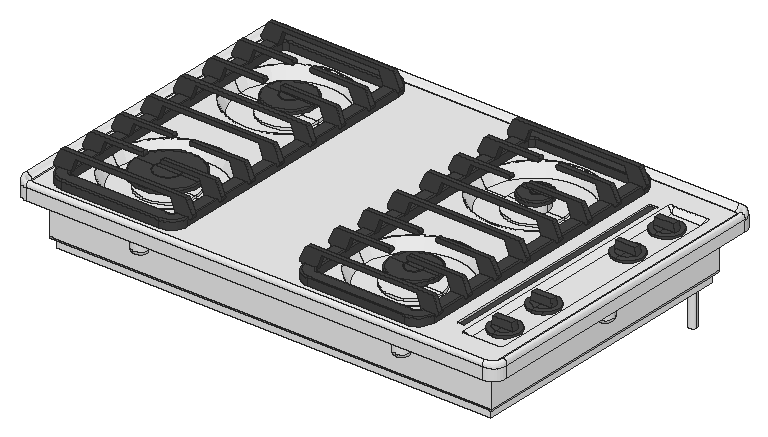
Revit family "QF_Summit_ZTL053S_Cooktop", category Specialty Equipment, Revit 2020 (continued)
Automatic sketch dimensions
  curve 122 to curve 134 = 0"  (x2)
  curve 123 to curve 134 = 0"  (x2)
  curve 124 to curve 127 = 0"
  curve 124 to curve 128 = 0"
  curve 124 to curve 129 = 0"
  curve 124 to curve 130 = 0"
  curve 124 to curve 132 = 0"  (x2)
  curve 124 to curve 133 = 0"
  curve 124 to curve 134 = 0"  (x2)
  curve 125 to curve 126 = 0"  (x2)
  curve 125 to curve 127 = 0"
  curve 125 to curve 128 = 0"
  curve 125 to curve 129 = 0"
  curve 125 to curve 130 = 0"
  curve 125 to curve 131 = 0"  (x2)
  curve 125 to curve 132 = 0"
  curve 125 to curve 133 = 0"
  curve 145 to curve 165 = 0"  (x2)
  curve 146 to curve 165 = 0"  (x2)
  curve 147 to curve 165 = 0"  (x2)
  curve 148 to curve 165 = 0"  (x2)
  curve 149 to curve 165 = 0"  (x2)
  curve 150 to curve 165 = 0"  (x2)
  curve 151 to curve 165 = 0"  (x2)
  curve 152 to curve 157 = 0"
  curve 152 to curve 159 = 0"
  curve 153 to curve 157 = 0"
  curve 153 to curve 159 = 0"
  curve 154 to curve 159 = 0"  (x2)
  curve 155 to curve 159 = 0"  (x2)
  curve 156 to curve 157 = 0"
  curve 156 to curve 159 = 0"
  curve 157 to curve 159 = 0"
  curve 158 to curve 159 = 0"  (x2)
  curve 160 to curve 165 = 0"  (x2)
  curve 161 to curve 165 = 0"  (x2)
  curve 162 to curve 165 = 0"  (x2)
  curve 163 to curve 165 = 0"  (x2)
  curve 164 to curve 165 = 0"  (x2)
  curve 65 to plane 3 "LEFT" = 0.00016"
  plane 3 "LEFT" to curve 37 = 9/16"
  curve 37 to curve 64 = 1/4"
  curve 37 to curve 39 = 1/4"
  plane 3 "LEFT" to curve 134 = 5.27794"
  plane 3 "LEFT" to curve 108 = 5.27794"
  plane 7 "Center Y" to curve 111 = 5.59588"
  plane 7 "Center Y" to curve 79 = 5.59588"
  plane 1 "BACK" to curve 54 = 2.63046"
  plane 4 "RIGHT" to curve 54 = 4.43626"
  curve 54 to curve 61 = 1/16"
  curve 54 to curve 55 = 1/16"
  curve 55 to curve 56 = 3/8"
  curve 60 to curve 60 = 3/8"
  curve 57 to curve 58 = 1/16"
  curve 60 to curve 52 = 0.32834"
  curve 52 to curve 51 = 0.17489"
  curve 53 to curve 53 = 0.17489"
  curve 51 to curve 44 = 0.15303"
  plane 4 "RIGHT" to curve 45 = 1.53001"
  curve 42 to curve 47 = 0.15303"
  curve 44 to curve 50 = 0.15303"
  curve 49 to curve 48 = 0.17489"
  plane 5 "FRONT" to curve 71 = 0.00016"
  plane 4 "RIGHT" to curve 71 = 13/16"
  plane 4 "RIGHT" to curve 38 = 13/16"
  curve 40 to curve 41 = 1/4"
  curve 50 to plane 5 "FRONT" = 1.94788"
  curve 49 to curve 44 = 0.15303"
  curve 51 to curve 60 = 0.43428"
  curve 146 to plane 8 "Center X" = 4.69623"
  curve 152 to plane 8 "Center X" = 4.69623"
  plane 8 "Center X" to curve 74 = 4.69623"
  plane 8 "Center X" to curve 114 = 4.69623"
  curve 57 to curve 42 = 11/32"
  curve 42 to curve 48 = 0.15303"
  plane 1 "BACK" to curve 40 = 13/16"
  plane 3 "LEFT" to curve 122 = 1.98841"
  plane 3 "LEFT" to curve 157 = 2.00679"
  plane 3 "LEFT" to curve 132 = 2.04204"
  plane 3 "LEFT" to curve 106 = 2.05163"
  curve 157 to curve 108 = 0.17038"
  curve 122 to curve 117 = 0.18876"
  curve 157 to curve 159 = 0.30499"
  curve 122 to curve 117 = 0.33065"
  curve 132 to curve 133 = 0.31951"
  curve 106 to curve 108 = 0.31593"
  curve 159 to curve 154 = 0.10141"
  curve 117 to curve 131 = 0.09535"
  curve 133 to curve 126 = 0.10777"
  curve 108 to curve 158 = 0.10609"
  curve 108 to curve 83 = 1.10076"
  curve 104 to curve 104 = 0.21842"
  curve 117 to curve 120 = 1.35172"
  curve 83 to curve 83 = 0.31358"
  curve 104 to curve 103 = 0.15936"
  curve 120 to curve 74 = 0.24904"
  curve 74 to curve 120 = 0.02582"
  curve 83 to curve 105 = 0.21411"
  curve 122 to curve 123 = 1.45366"
  curve 157 to curve 107 = 1.43583"
  curve 94 to curve 130 = 0.12319"
  curve 120 to curve 127 = 0.19386"
  curve 127 to curve 74 = 0.11209"
  curve 130 to curve 129 = 0.26849"
  curve 129 to curve 132 = 0.04729"
  curve 129 to curve 94 = 0.07783"
  curve 74 to curve 93 = 0.23853"
  curve 86 to curve 83 = 3/4"
  curve 118 to curve 123 = 0.6766"
  curve 129 to curve 92 = 0.43727"
  curve 153 to curve 107 = 0.5869"
  curve 76 to curve 73 = 1/2"
  curve 107 to curve 107 = 0.62953"
  curve 123 to curve 123 = 0.65253"
  curve 75 to curve 92 = 0.22211"
  curve 76 to curve 93 = 0.42893"
  curve 92 to curve 73 = 0.32977"
  curve 92 to curve 134 = 0.38914"
  curve 73 to curve 129 = 0.08348"
  curve 93 to curve 91 = 0.24142"
  curve 91 to curve 127 = 0.11252"
  curve 73 to curve 121 = 0.33849"
  curve 91 to curve 128 = 0.31103"
  curve 123 to curve 124 = 0.83454"
  curve 128 to curve 91 = 0.01862"
  curve 107 to curve 152 = 0.87986"
  curve 85 to curve 105 = 0.76611"
  curve 86 to curve 103 = 0.86273"
  curve 105 to curve 102 = 0.18941"
  curve 73 to curve 121 = 0.24904"
  curve 103 to curve 84 = 0.14532"
  curve 84 to curve 84 = 0.24195"
  curve 102 to curve 158 = 1.09864"
  curve 121 to curve 126 = 1.41692"
  curve 84 to curve 154 = 1.10223"
  curve 128 to curve 131 = 1.38705"
  curve 158 to curve 155 = 0.09264"
  curve 126 to curve 119 = 0.09066"
  curve 154 to curve 109 = 0.10242"
  curve 131 to curve 125 = 0.09497"
  curve 109 to curve 109 = 0.13805"
  curve 125 to curve 125 = 0.13736"
  curve 155 to curve 156 = 0.32544"
  curve 119 to curve 134 = 0.34103"
  curve 154 to curve 152 = 0.40862"
  curve 131 to curve 124 = 0.42412"
  plane 7 "Center Y" to curve 150 = 2.29805"
  plane 7 "Center Y" to curve 135 = 2.29835"
  plane 7 "Center Y" to curve 140 = 2.36176"
  plane 7 "Center Y" to curve 144 = 2.37399"
  plane 7 "Center Y" to curve 116 = 2.49513"
  plane 7 "Center Y" to curve 148 = 2.49513"
  curve 135 to curve 116 = 0.34067"
  curve 150 to curve 148 = 0.34129"
  curve 140 to curve 142 = 0.32309"
  curve 144 to curve 110 = 0.31237"
  curve 148 to curve 147 = 0.09223"
  curve 116 to curve 139 = 0.0986"
  curve 142 to curve 141 = 0.10348"
  curve 110 to curve 149 = 0.12616"
  plane 7 "Center Y" to curve 77 = 3.84685"
  plane 7 "Center Y" to curve 164 = 3.84685"
  curve 113 to curve 101 = 0.24904"
  plane 7 "Center Y" to curve 164 = 4.10793"
  plane 7 "Center Y" to curve 77 = 4.11555"
  plane 7 "Center Y" to curve 135 = 4.14925"
  plane 7 "Center Y" to curve 150 = 4.16227"
  plane 7 "Center Y" to curve 113 = 4.21169"
  plane 7 "Center Y" to curve 98 = 4.22231"
  curve 164 to curve 165 = 0.19581"
  curve 77 to curve 95 = 0.19616"
  curve 165 to curve 101 = 0.12621"
  curve 113 to curve 161 = 0.25363"
  curve 98 to curve 97 = 0.26065"
  plane 7 "Center Y" to curve 144 = 4.49037"
  curve 161 to curve 88 = 0.07249"
  plane 7 "Center Y" to curve 140 = 4.57292"
  curve 77 to curve 80 = 0.74904"
  curve 101 to curve 100 = 0.2468"
  curve 161 to curve 162 = 0.42767"
  curve 150 to curve 160 = 0.73593"
  curve 114 to curve 114 = 0.60654"
  curve 90 to curve 87 = 1/2"
  curve 82 to curve 77 = 1/4"
  curve 114 to curve 136 = 0.64941"
  curve 160 to curve 160 = 1.39538"
  curve 90 to curve 162 = 0.21129"
  curve 89 to curve 100 = 0.43178"
  curve 162 to curve 99 = 0.33661"
  curve 140 to curve 143 = 2.11853"
  curve 80 to curve 97 = 0.14835"
  curve 99 to curve 161 = 0.10382"
  curve 161 to curve 145 = 0.03094"
  curve 100 to curve 87 = 0.25229"
  curve 87 to curve 165 = 0.10807"
  curve 79 to curve 95 = 0.29505"
  curve 161 to curve 163 = 0.22514"
  curve 97 to curve 78 = 0.24571"
  curve 160 to curve 151 = 0.76927"
  curve 136 to curve 137 = 0.81975"
  curve 87 to curve 112 = 0.29408"
  curve 95 to curve 96 = 0.18874"
  curve 112 to curve 99 = 0.02185"
  curve 87 to curve 112 = 0.24904"
  curve 79 to curve 78 = 0.74904"
  curve 163 to curve 149 = 1.42364"
  curve 78 to curve 141 = 1.41399"
  curve 96 to curve 139 = 1.37384"
  curve 112 to curve 147 = 1.3827"
  curve 149 to curve 146 = 0.10635"
  curve 141 to curve 115 = 0.10054"
  curve 139 to curve 138 = 0.10259"
  curve 147 to curve 111 = 0.09971"
  curve 138 to curve 115 = 0.14054"
  curve 111 to curve 111 = 0.1402"
  curve 146 to curve 145 = 0.31936"
  curve 141 to curve 143 = 0.41949"
  curve 147 to curve 151 = 0.40165"
  curve 138 to curve 137 = 0.32826"
  curve 107 to plane 5 "FRONT" = 1.80474"
  curve 160 to plane 5 "FRONT" = 1 7/8"
  curve 160 to curve 150 = 0.23691"
  curve 153 to curve 157 = 0.25859"
  curve 160 to curve 151 = 0.2521"
  curve 107 to curve 152 = 0.2852"
  curve 154 to curve 109 = 0.28235"
  curve 147 to curve 111 = 0.27408"
  curve 100 to curve 101 = 0.24169"
  curve 103 to curve 84 = 0.22929"
  curve 165 to curve 101 = 0.23505"
  curve 102 to curve 105 = 0.25978"
  curve 99 to curve 161 = 0.24304"
  curve 99 to curve 162 = 0.24737"
  curve 108 to curve 158 = 0.25335"
  curve 146 to curve 149 = 0.25181"
  curve 158 to curve 106 = 0.03121"
  curve 146 to curve 145 = 0.27526"
  curve 110 to curve 144 = 0.29271"
  plane 8 "Center X" to curve 140 = 1.35007"
  plane 8 "Center X" to curve 132 = 1.36194"
  plane 8 "Center X" to curve 143 = 1.37313"
  plane 8 "Center X" to curve 134 = 1.37834"
  curve 129 to curve 94 = 0.26306"
  curve 97 to curve 98 = 0.26648"
  curve 129 to curve 92 = 0.01153"
  curve 126 to curve 119 = 0.21375"
  curve 141 to curve 142 = 0.24822"
  curve 116 to curve 135 = 0.23664"
  curve 96 to curve 95 = 0.24956"
  curve 74 to curve 93 = 0.23627"
  curve 125 to curve 131 = 0.26496"
  curve 131 to curve 124 = 0.00658"
  curve 91 to curve 127 = 0.25063"
  curve 117 to curve 122 = 0.26535"
  curve 138 to curve 137 = 0.27256"
  curve 116 to curve 139 = 0.26847"
  curve 122 to curve 118 = 0.25021"
  curve 137 to curve 136 = 0.26258"
  radius of Extrusion 2 sketch curve = 3.49904"  (x4)
  radius of Extrusion 17 sketch curve = 1/4"
Nested families (in)
  nested 1: "Summit_Burner_Cast" at (1.52794, -1.55377, 0.43845), type "Summit_Burner_Cast"
  nested 2: "Summit_Burner_Cast" at (16.71416, -1.55377, 0.43845), type "Summit_Burner_Cast"
  nested 3: "Summit_Burner_Cast" at (1.52794, -10.94623, 0.43845), type "Summit_Burner_Cast"
  nested 4: "Summit_Burner_Cast" at (16.71416, -10.94623, 0.43845), type "Summit_Burner_Cast"
  nested 5: "Summit_Cast" at (1.27794, -0.875, 3.75), type "Summit_Cast"
  nested 6: "Summit_Cast" at (16.46416, -0.875, 3.75), type "Summit_Cast"
Connectors (in)
  piping at (27.43847, -1.91925, -2.5), diameter 0.5
    settings: on Extrusion 17, index 1, connector inside diameter 24", connector length 0", flow factor 0, pipe flow 0 GPM, pressure drop 0.00 psi, fitting loss kfactor 0, connector angle 0.00°, fixture units 0, engagement length 0", angle of deflection 0.00°, flow configuration 1, flow direction 1, fitting loss method 0, system type 7, joint type 0, gender type 0, connector reference index -1, connector utility 0, adjustable connector no, is connector primary yes, connector description "Gas Connection"
  electrical at (26.68847, -1.91925, 0.4375), driven by "Volts"
    settings: on Extrusion 20, index 2, voltage 115 V, apparent load 0 VA, apparent load phase1 0 VA, apparent load phase2 0 VA, apparent load phase3 0 VA, power factor 1, load classification "Other", number of poles 1, system type 30, power factor state 1, is connector primary yes, connector utility no, sub classification motor no, connector description "Electrical Connection"
Definition of nested family "Summit_Burner_Cast"
  Parameters (values of type "Summit_Burner_Cast")
    Model = ""
    Manufacturer = "Summit"
    Length = 7 1/2"
    Height = 3 3/4"
    Description = "Cooktop"
    Depth = 7 1/2"
    Default Elevation = 0"
  Reference planes (in)
    plane 1 "BACK": y = 0
    plane 2: z = 0
    plane 3 "LEFT": x = 0
    plane 4 "RIGHT": x = 7.5
    plane 5 "FRONT": y = -7.5
    plane 6 "TOP": z = 3.75
    plane 7 "Center Y": x = 3.75
    plane 8 "Center X": y = -3.75
  Forms (in)
    Revolve 1, solid
      sketch origin (-1.00614, -3.75, 0) x (1, 0, 0) y (0, 0, 1)
        loop
          line (4.75614, 3.26095) -> (4.00614, 3.26095) -> (4.00614, 2.6875) -> (3.00711, 2.6875) -> (3.00711, 2.5625) -> (1.65539, 2.5625) -> (1.25711, 3.31155) -> (1.25711, 2.5) -> (4.75614, 2.5) -> (4.75614, 3.26095)
        axis (4.75614, 2.5) -> (4.75614, 3.31155)
      angle from 0 to 360
  Dimensions and locks (in)
    equal spacing: plane 3 "LEFT", plane 7 "Center Y", plane 4 "RIGHT"
    "Length": plane 3 "LEFT" to plane 4 "RIGHT"
    equal spacing: plane 5 "FRONT", plane 8 "Center X", plane 1 "BACK"
    "Depth": plane 5 "FRONT" to plane 1 "BACK"
    "Height": plane 6 "TOP" to level
    aligned and locked: level to plane 2
  Automatic sketch dimensions
    plane 3 "LEFT" to Revolve 1 sketch curve = 0.25096"
    Revolve 1 sketch curve to plane 7 "Center Y" = 0"  (x2)
    plane 3 "LEFT" to Revolve 1 sketch curve = 0.64924"
    Revolve 1 sketch curve to plane 7 "Center Y" = 3/4"
    Revolve 1 sketch curve to plane 6 "TOP" = 1 1/4"
    Revolve 1 sketch curve to Revolve 1 sketch curve = 1/16"
    Revolve 1 sketch curve to Revolve 1 sketch curve = 3/16"
    Revolve 1 sketch curve to plane 6 "TOP" = 0.48905"
    Revolve 1 sketch curve to plane 6 "TOP" = 0.43845"
    Revolve 1 sketch curve to Revolve 1 sketch curve = 0"
    plane 6 "TOP" to Revolve 1 sketch curve = 1 1/4"
    Revolve 1 sketch curve to Revolve 1 sketch curve = 0.99904"
Definition of nested family "Summit_Cast"
  Parameters (values of type "Summit_Cast")
    Model = ""
    Manufacturer = "Summit"
    Length = 8"
    Height = 1 1/2"
    Description = "Cooktop"
    Depth = 18 1/4"
    Default Elevation = 0"
  Reference planes (in)
    plane 1 "BACK": y = 0
    plane 2: z = 0
    plane 3 "LEFT": x = 0
    plane 4 "RIGHT": x = 8
    plane 5 "FRONT": y = -18.25
    plane 6 "TOP": z = 1.5
    plane 7 "Center Y": x = 4
    plane 8 "Center X": y = -9.125
  Forms (in)
    Sweep 1, solid
      path origin (0, 0, 1.5) x (-1, 0, 0) y (0, -1, 0)
        loop
          arc (0, 17.25) -> (-0.29289, 17.95711) -> (-1, 18.25) r 1
          line (-1, 18.25) -> (-7, 18.25)
          arc (-7, 18.25) -> (-7.70711, 17.95711) -> (-8, 17.25) r 1
          line (-8, 17.25) -> (-8, 1)
          arc (-8, 1) -> (-7.70711, 0.29289) -> (-7, 0) r 1
          line (-7, 0) -> (-1, 0)
          arc (-1, 0) -> (-0.29289, 0.29289) -> (0, 1) r 1
          line (0, 1) -> (0, 17.25)
      profile origin (0, -9.125, 1.5) x (-1, 0, 0) y (0, 0, 1)
        loop
          line (-0.0625, -1) -> (-0.6875, -1)
          arc (-0.6875, -1) -> (-0.73169, -1.01831) -> (-0.75, -1.0625) r 0.0625
          line (-0.75, -1.0625) -> (-0.75, -1.5) -> (0, -1.5) -> (0, -1.0625)
          arc (0, -1.0625) -> (-0.01831, -1.01831) -> (-0.0625, -1) r 0.0625
    Extrusion 2, solid
      sketch origin (0, 0, 0) x (1, 0, 0) y (0, 0, 1)
        loop
          line (0.74803, 0.3877) -> (1.06188, 1.25) -> (6.93812, 1.25) -> (7.25197, 0.3877) -> (8.14564, 0.3877) -> (8.25406, 0.49612)
          arc (8.25406, 0.49612) -> (8.2924, 0.56977) -> (8.28157, 0.65209) r 0.13806
          line (8.28157, 0.65209) -> (7.93816, 1.38852) -> (7.82668, 1.5) -> (0.17332, 1.5) -> (0.06184, 1.38852) -> (-0.28157, 0.65209)
          arc (-0.28157, 0.65209) -> (-0.2924, 0.56977) -> (-0.25406, 0.49612) r 0.13806
          line (-0.25406, 0.49612) -> (-0.14564, 0.3877) -> (0.74803, 0.3877)
      from 1 to 1.25
    Extrusion 3, solid
      sketch origin (0, -2.25, 0) x (1, 0, 0) y (0, 0, 1)
        loop
          line (0.74803, 0.3877) -> (1.06188, 1.25) -> (3.36913, 1.25)
          arc (3.36913, 1.25) -> (3.49413, 1.375) -> (3.36913, 1.5) r 0.125
          line (3.36913, 1.5) -> (0.17332, 1.5) -> (0.06184, 1.38852) -> (-0.28157, 0.65209)
          arc (-0.28157, 0.65209) -> (-0.2924, 0.56977) -> (-0.25406, 0.49612) r 0.13806
          line (-0.25406, 0.49612) -> (-0.14564, 0.3877) -> (0.74803, 0.3877)
        loop
          line (7.25197, 0.3877) -> (8.14564, 0.3877) -> (8.25406, 0.49612)
          arc (8.25406, 0.49612) -> (8.2924, 0.56977) -> (8.28157, 0.65209) r 0.13806
          line (8.28157, 0.65209) -> (7.93816, 1.38852) -> (7.82668, 1.5) -> (4.62959, 1.5)
          arc (4.62959, 1.5) -> (4.50459, 1.375) -> (4.62959, 1.25) r 0.125
          line (4.62959, 1.25) -> (6.93812, 1.25) -> (7.25197, 0.3877)
      from 1 to 1.25
    Extrusion 4, solid
      sketch origin (0, -6.75, 0) x (1, 0, 0) y (0, 0, 1)
        loop
          line (0.74803, 0.3877) -> (1.06188, 1.25) -> (6.93812, 1.25) -> (7.25197, 0.3877) -> (8.14564, 0.3877) -> (8.25406, 0.49612)
          arc (8.25406, 0.49612) -> (8.2924, 0.56977) -> (8.28157, 0.65209) r 0.13806
          line (8.28157, 0.65209) -> (7.93816, 1.38852) -> (7.82668, 1.5) -> (0.17332, 1.5) -> (0.06184, 1.38852) -> (-0.28157, 0.65209)
          arc (-0.28157, 0.65209) -> (-0.2924, 0.56977) -> (-0.25406, 0.49612) r 0.13806
          line (-0.25406, 0.49612) -> (-0.14564, 0.3877) -> (0.74803, 0.3877)
      from 1 to 1.25
    Extrusion 5, solid
      sketch origin (0, -4.5, 0) x (1, 0, 0) y (0, 0, 1)
        loop
          line (0.74803, 0.3877) -> (1.06188, 1.25) -> (3.36913, 1.25)
          arc (3.36913, 1.25) -> (3.49413, 1.375) -> (3.36913, 1.5) r 0.125
          line (3.36913, 1.5) -> (0.17332, 1.5) -> (0.06184, 1.38852) -> (-0.28157, 0.65209)
          arc (-0.28157, 0.65209) -> (-0.2924, 0.56977) -> (-0.25406, 0.49612) r 0.13806
          line (-0.25406, 0.49612) -> (-0.14564, 0.3877) -> (0.74803, 0.3877)
        loop
          line (7.25197, 0.3877) -> (8.14564, 0.3877) -> (8.25406, 0.49612)
          arc (8.25406, 0.49612) -> (8.2924, 0.56977) -> (8.28157, 0.65209) r 0.13806
          line (8.28157, 0.65209) -> (7.93816, 1.38852) -> (7.82668, 1.5) -> (4.62959, 1.5)
          arc (4.62959, 1.5) -> (4.50459, 1.375) -> (4.62959, 1.25) r 0.125
          line (4.62959, 1.25) -> (6.93812, 1.25) -> (7.25197, 0.3877)
      from 1 to 1.25
    Extrusion 6, solid
      sketch origin (0, -18.25, 0) x (1, 0, 0) y (0, 0, -1)
        loop
          line (0.74803, -0.3877) -> (-0.14564, -0.3877) -> (-0.25406, -0.49612)
          arc (-0.25406, -0.49612) -> (-0.2924, -0.56977) -> (-0.28157, -0.65209) r 0.13806
          line (-0.28157, -0.65209) -> (0.06184, -1.38852) -> (0.17332, -1.5) -> (7.82668, -1.5) -> (7.93816, -1.38852) -> (8.28157, -0.65209)
          arc (8.28157, -0.65209) -> (8.2924, -0.56977) -> (8.25406, -0.49612) r 0.13806
          line (8.25406, -0.49612) -> (8.14564, -0.3877) -> (7.25197, -0.3877) -> (6.93812, -1.25) -> (1.06188, -1.25) -> (0.74803, -0.3877)
      from 1 to 1.25
    Extrusion 7, solid
      sketch origin (0, -16, 0) x (1, 0, 0) y (0, 0, -1)
        loop
          line (0.74803, -0.3877) -> (-0.14564, -0.3877) -> (-0.25406, -0.49612)
          arc (-0.25406, -0.49612) -> (-0.2924, -0.56977) -> (-0.28157, -0.65209) r 0.13806
          line (-0.28157, -0.65209) -> (0.06184, -1.38852) -> (0.17332, -1.5) -> (3.36913, -1.5)
          arc (3.36913, -1.5) -> (3.49413, -1.375) -> (3.36913, -1.25) r 0.125
          line (3.36913, -1.25) -> (1.06188, -1.25) -> (0.74803, -0.3877)
        loop
          line (7.25197, -0.3877) -> (6.93812, -1.25) -> (4.62959, -1.25)
          arc (4.62959, -1.25) -> (4.50459, -1.375) -> (4.62959, -1.5) r 0.125
          line (4.62959, -1.5) -> (7.82668, -1.5) -> (7.93816, -1.38852) -> (8.28157, -0.65209)
          arc (8.28157, -0.65209) -> (8.2924, -0.56977) -> (8.25406, -0.49612) r 0.13806
          line (8.25406, -0.49612) -> (8.14564, -0.3877) -> (7.25197, -0.3877)
      from 1 to 1.25
    Extrusion 8, solid
      sketch origin (0, -11.5, 0) x (1, 0, 0) y (0, 0, -1)
        loop
          line (0.74803, -0.3877) -> (-0.14564, -0.3877) -> (-0.25406, -0.49612)
          arc (-0.25406, -0.49612) -> (-0.2924, -0.56977) -> (-0.28157, -0.65209) r 0.13806
          line (-0.28157, -0.65209) -> (0.06184, -1.38852) -> (0.17332, -1.5) -> (7.82668, -1.5) -> (7.93816, -1.38852) -> (8.28157, -0.65209)
          arc (8.28157, -0.65209) -> (8.2924, -0.56977) -> (8.25406, -0.49612) r 0.13806
          line (8.25406, -0.49612) -> (8.14564, -0.3877) -> (7.25197, -0.3877) -> (6.93812, -1.25) -> (1.06188, -1.25) -> (0.74803, -0.3877)
      from 1 to 1.25
    Extrusion 9, solid
      sketch origin (0, -13.75, 0) x (1, 0, 0) y (0, 0, -1)
        loop
          line (0.74803, -0.3877) -> (-0.14564, -0.3877) -> (-0.25406, -0.49612)
          arc (-0.25406, -0.49612) -> (-0.2924, -0.56977) -> (-0.28157, -0.65209) r 0.13806
          line (-0.28157, -0.65209) -> (0.06184, -1.38852) -> (0.17332, -1.5) -> (3.36913, -1.5)
          arc (3.36913, -1.5) -> (3.49413, -1.375) -> (3.36913, -1.25) r 0.125
          line (3.36913, -1.25) -> (1.06188, -1.25) -> (0.74803, -0.3877)
        loop
          line (7.25197, -0.3877) -> (6.93812, -1.25) -> (4.62959, -1.25)
          arc (4.62959, -1.25) -> (4.50459, -1.375) -> (4.62959, -1.5) r 0.125
          line (4.62959, -1.5) -> (7.82668, -1.5) -> (7.93816, -1.38852) -> (8.28157, -0.65209)
          arc (8.28157, -0.65209) -> (8.2924, -0.56977) -> (8.25406, -0.49612) r 0.13806
          line (8.25406, -0.49612) -> (8.14564, -0.3877) -> (7.25197, -0.3877)
      from 1 to 1.25
  Lines and regions (in)
    symbolic lines
      curve 1: line (7, -0.75, 1.5) -> (1, -0.75, 1.5)
      curve 2: arc (1, -0.75, 1.5) -> (0.82322, -0.82322, 1.5) -> (0.75, -1, 1.5) r 0.25
      curve 3: line (0.75, -1, 1.5) -> (0.75, -3.25, 1.5)
      curve 4: arc (0.75, -17.25, 1.5) -> (0.82322, -17.42678, 1.5) -> (1, -17.5, 1.5) r 0.25
      curve 5: line (1, -17.5, 1.5) -> (7, -17.5, 1.5)
      curve 6: arc (7, -17.5, 1.5) -> (7.17678, -17.42678, 1.5) -> (7.25, -17.25, 1.5) r 0.25
      curve 7: arc (7.25, -1, 1.5) -> (7.17678, -0.82322, 1.5) -> (7, -0.75, 1.5) r 0.25
      curve 8: arc (0, -1, 1.5) -> (0.29289, -0.29289, 1.5) -> (1, 0, 1.5) r 1
      curve 9: line (1, 0, 1.5) -> (7, 0, 1.5)
      curve 10: arc (7, 0, 1.5) -> (7.70711, -0.29289, 1.5) -> (8, -1, 1.5) r 1
      curve 11: arc (8, -17.25, 1.5) -> (7.70711, -17.95711, 1.5) -> (7, -18.25, 1.5) r 1
      curve 12: line (7, -18.25, 1.5) -> (1, -18.25, 1.5)
      curve 13: arc (1, -18.25, 1.5) -> (0.29289, -17.95711, 1.5) -> (0, -17.25, 1.5) r 1
      curve 14: line (-0.2945, -1.25, 1.5) -> (8.2945, -1.25, 1.5)
      curve 15: line (8.2945, -1, 1.5) -> (-0.2945, -1, 1.5)
      curve 16: line (-0.2945, -1, 1.5) -> (-0.2945, -1.25, 1.5)
      curve 17: line (8.2945, -1, 1.5) -> (8.2945, -1.25, 1.5)
      curve 18: line (4.50459, -3.25, 1.5) -> (8.2945, -3.25, 1.5)
      curve 19: line (4.50459, -3.5, 1.5) -> (4.50459, -3.25, 1.5)
      curve 20: line (8.2945, -3.5, 1.5) -> (4.50459, -3.5, 1.5)
      curve 21: line (8.2945, -3.25, 1.5) -> (8.2945, -3.5, 1.5)
      curve 22: line (-0.2945, -3.25, 1.5) -> (3.49413, -3.25, 1.5)
      curve 23: line (-0.2945, -3.5, 1.5) -> (-0.2945, -3.25, 1.5)
      curve 24: line (3.49413, -3.5, 1.5) -> (0, -3.5, 1.5)
      curve 25: line (3.49413, -3.25, 1.5) -> (3.49413, -3.5, 1.5)
      curve 26: line (-0.2945, -5.5, 1.5) -> (3.49413, -5.5, 1.5)
      curve 27: line (-0.2945, -5.75, 1.5) -> (-0.2945, -5.5, 1.5)
      curve 28: line (3.49413, -5.75, 1.5) -> (-0.2945, -5.75, 1.5)
      curve 29: line (3.49413, -5.5, 1.5) -> (3.49413, -5.75, 1.5)
      curve 30: line (4.50459, -5.5, 1.5) -> (8.2945, -5.5, 1.5)
      curve 31: line (4.50459, -5.75, 1.5) -> (4.50459, -5.5, 1.5)
      curve 32: line (8.2945, -5.75, 1.5) -> (4.50459, -5.75, 1.5)
      curve 33: line (8.2945, -5.5, 1.5) -> (8.2945, -5.75, 1.5)
      curve 34: line (-0.2945, -7.75, 1.5) -> (8.2945, -7.75, 1.5)
      curve 35: line (-0.2945, -8, 1.5) -> (-0.2945, -7.75, 1.5)
      curve 36: line (8.2945, -8, 1.5) -> (-0.2945, -8, 1.5)
      curve 37: line (8.2945, -7.75, 1.5) -> (8.2945, -8, 1.5)
      curve 38: line (-0.2945, -10.25, 1.5) -> (8.2945, -10.25, 1.5)
      curve 39: line (-0.2945, -10.5, 1.5) -> (-0.2945, -10.25, 1.5)
      curve 40: line (8.2945, -10.5, 1.5) -> (-0.2945, -10.5, 1.5)
      curve 41: line (8.2945, -10.25, 1.5) -> (8.2945, -10.5, 1.5)
      curve 42: line (-0.2945, -12.5, 1.5) -> (3.49413, -12.5, 1.5)
      curve 43: line (-0.2945, -12.75, 1.5) -> (-0.2945, -12.5, 1.5)
      curve 44: line (3.49413, -12.75, 1.5) -> (-0.2945, -12.75, 1.5)
      curve 45: line (3.49413, -12.5, 1.5) -> (3.49413, -12.75, 1.5)
      curve 46: line (4.50459, -12.5, 1.5) -> (8.2945, -12.5, 1.5)
      curve 47: line (4.50459, -12.75, 1.5) -> (4.50459, -12.5, 1.5)
      curve 48: line (8.2945, -12.75, 1.5) -> (4.50459, -12.75, 1.5)
      curve 49: line (8.2945, -12.5, 1.5) -> (8.2945, -12.75, 1.5)
      curve 50: line (-0.2945, -14.75, 1.5) -> (3.49413, -14.75, 1.5)
      curve 51: line (-0.2945, -15, 1.5) -> (-0.2945, -14.75, 1.5)
      curve 52: line (3.49413, -15, 1.5) -> (-0.2945, -15, 1.5)
      curve 53: line (3.49413, -14.75, 1.5) -> (3.49413, -15, 1.5)
      curve 54: line (4.50459, -14.75, 1.5) -> (8.2945, -14.75, 1.5)
      curve 55: line (4.50459, -15, 1.5) -> (4.50459, -14.75, 1.5)
      curve 56: line (8.2945, -15, 1.5) -> (4.50459, -15, 1.5)
      curve 57: line (8.2945, -14.75, 1.5) -> (8.2945, -15, 1.5)
      curve 58: line (-0.2945, -17, 1.5) -> (8.2945, -17, 1.5)
      curve 59: line (-0.2945, -17.25, 1.5) -> (-0.2945, -17, 1.5)
      curve 60: line (8.2945, -17.25, 1.5) -> (-0.2945, -17.25, 1.5)
      curve 61: line (8.2945, -17, 1.5) -> (8.2945, -17.25, 1.5)
      curve 62: line (8, -1.25, 1.5) -> (8, -3.25, 1.5)
      curve 63: line (0, -3.25, 1.5) -> (0, -1.25, 1.5)
      curve 64: line (0, -3.5, 1.5) -> (-0.2945, -3.5, 1.5)
      curve 65: line (0.75, -3.5, 1.5) -> (0.75, -5.5, 1.5)
      curve 66: line (7.25, -3.25, 1.5) -> (7.25, -1, 1.5)
      curve 67: line (8, -3.5, 1.5) -> (8, -5.5, 1.5)
      curve 68: line (8, -5.75, 1.5) -> (8, -7.75, 1.5)
      curve 69: line (7.25, -5.5, 1.5) -> (7.25, -3.5, 1.5)
      curve 70: line (0.75, -5.75, 1.5) -> (0.75, -7.75, 1.5)
      curve 71: line (0, -5.5, 1.5) -> (0, -3.5, 1.5)
      curve 72: line (0, -7.75, 1.5) -> (0, -5.75, 1.5)
      curve 73: line (0.75, -8, 1.5) -> (0.75, -10.25, 1.5)
      curve 74: line (7.25, -7.75, 1.5) -> (7.25, -5.75, 1.5)
      curve 75: line (8, -8, 1.5) -> (8, -10.25, 1.5)
      curve 76: line (8, -10.5, 1.5) -> (8, -12.5, 1.5)
      curve 77: line (7.25, -10.25, 1.5) -> (7.25, -8, 1.5)
      curve 78: line (8, -12.75, 1.5) -> (8, -14.75, 1.5)
      curve 79: line (7.25, -12.5, 1.5) -> (7.25, -10.5, 1.5)
      curve 80: line (8, -15, 1.5) -> (8, -17, 1.5)
      curve 81: line (7.25, -14.75, 1.5) -> (7.25, -12.75, 1.5)
      curve 82: line (0.75, -12.75, 1.5) -> (0.75, -14.75, 1.5)
      curve 83: line (0.75, -10.5, 1.5) -> (0.75, -12.5, 1.5)
      curve 84: line (0, -12.5, 1.5) -> (0, -8, 1.5)
      curve 85: line (0, -14.75, 1.5) -> (0, -12.75, 1.5)
      curve 86: line (0.75, -15, 1.5) -> (0.75, -17, 1.5)
      curve 87: line (7.25, -17, 1.5) -> (7.25, -15, 1.5)
      curve 88: line (0, -17, 1.5) -> (0, -15, 1.5)
  Dimensions and locks (in)
    equal spacing: plane 3 "LEFT", plane 7 "Center Y", plane 4 "RIGHT"
    "Length": plane 3 "LEFT" to plane 4 "RIGHT"
    equal spacing: plane 5 "FRONT", plane 8 "Center X", plane 1 "BACK"
    "Depth": plane 5 "FRONT" to plane 1 "BACK"
    "Height": plane 6 "TOP" to level
    aligned and locked: level to plane 2
  Automatic sketch dimensions
    Sweep 1 sketch curve to plane 4 "RIGHT" = 0"
    plane 5 "FRONT" to Sweep 1 sketch curve = 0"
    plane 1 "BACK" to Sweep 1 sketch curve = 0"
    Sweep 1 sketch curve to plane 3 "LEFT" = 0"
    Sweep 1 sketch curve to Sweep 1 sketch curve = 1"
    plane 4 "RIGHT" to Sweep 1 sketch curve = 1"
    plane 3 "LEFT" to Sweep 1 sketch curve = 1"  (x2)
    Sweep 1 sketch curve to profile plane = 0"
    profile plane to Sweep 1 sketch curve = 1/16"
    Sweep 1 sketch curve to Sweep 1 sketch curve = 5/8"
    Sweep 1 sketch curve to Sweep 1 sketch curve = 1/16"
    Sweep 1 sketch curve to plane 6 "TOP" = 1 1/2"
    Sweep 1 sketch curve to Sweep 1 sketch curve = 7/16"
    Extrusion 2 sketch curve to plane 6 "TOP" = 0"
    Extrusion 2 sketch curve to plane 3 "LEFT" = 0.28157"
    Extrusion 2 sketch curve to Extrusion 2 sketch curve = 0.0275"
    Extrusion 2 sketch curve to Extrusion 2 sketch curve = 0.12513"  (x2)
    Extrusion 2 sketch curve to plane 3 "LEFT" = 0.14564"
    plane 3 "LEFT" to Extrusion 2 sketch curve = 0.06184"
    Extrusion 2 sketch curve to Extrusion 2 sketch curve = 0.11148"
    plane 3 "LEFT" to Extrusion 2 sketch curve = 0.74803"
    Extrusion 2 sketch curve to plane 6 "TOP" = 1/4"
    Extrusion 2 sketch curve to Extrusion 2 sketch curve = 0.31385"
    plane 4 "RIGHT" to Extrusion 2 sketch curve = 1.06188"
    plane 4 "RIGHT" to Extrusion 2 sketch curve = 0.74803"
    plane 4 "RIGHT" to Extrusion 2 sketch curve = 0.17332"
    plane 4 "RIGHT" to Extrusion 2 sketch curve = 0.06184"
    Extrusion 2 sketch curve to plane 4 "RIGHT" = 0.14564"
    Extrusion 2 sketch curve to plane 4 "RIGHT" = 0.15644"
    Extrusion 2 sketch curve to Extrusion 2 sketch curve = 0.09762"
    level to Extrusion 2 sketch curve = 0.65209"  (x2)
    Extrusion 2 sketch curve to Extrusion 2 sketch curve = 0.05835"  (x2)
    level to Extrusion 2 sketch curve = 0.3877"
    Extrusion 2 sketch curve to Extrusion 2 sketch curve = 0.10842"
    Extrusion 2 sketch curve to plane 6 "TOP" = 0.11148"  (x2)
    Extrusion 3 sketch curve to plane 6 "TOP" = 0"  (x2)
    Extrusion 3 sketch curve to plane 3 "LEFT" = 0.28157"
    Extrusion 3 sketch curve to Extrusion 3 sketch curve = 0.0275"
    Extrusion 3 sketch curve to Extrusion 3 sketch curve = 0.12513"  (x2)
    Extrusion 3 sketch curve to plane 3 "LEFT" = 0.14564"
    plane 3 "LEFT" to Extrusion 3 sketch curve = 0.06184"
    Extrusion 3 sketch curve to Extrusion 3 sketch curve = 0.11148"
    plane 3 "LEFT" to Extrusion 3 sketch curve = 0.74803"
    Extrusion 3 sketch curve to plane 6 "TOP" = 1/4"  (x2)
    Extrusion 3 sketch curve to Extrusion 3 sketch curve = 0.31385"
    Extrusion 3 sketch curve to plane 7 "Center Y" = 0.63087"
    plane 7 "Center Y" to Extrusion 3 sketch curve = 0.62959"
    plane 4 "RIGHT" to Extrusion 3 sketch curve = 1.06188"
    plane 4 "RIGHT" to Extrusion 3 sketch curve = 0.74803"
    plane 4 "RIGHT" to Extrusion 3 sketch curve = 0.17332"
    plane 4 "RIGHT" to Extrusion 3 sketch curve = 0.06184"
    Extrusion 3 sketch curve to plane 4 "RIGHT" = 0.14564"
    Extrusion 3 sketch curve to plane 4 "RIGHT" = 0.15644"
    Extrusion 3 sketch curve to Extrusion 3 sketch curve = 0.09762"
    level to Extrusion 3 sketch curve = 0.65209"  (x2)
    Extrusion 3 sketch curve to Extrusion 3 sketch curve = 0.05835"  (x2)
    level to Extrusion 3 sketch curve = 0.3877"
    Extrusion 3 sketch curve to Extrusion 3 sketch curve = 0.10842"
    Extrusion 3 sketch curve to plane 6 "TOP" = 0.11148"  (x2)
    Extrusion 4 sketch curve to plane 6 "TOP" = 0"
    Extrusion 4 sketch curve to plane 3 "LEFT" = 0.28157"
    Extrusion 4 sketch curve to Extrusion 4 sketch curve = 0.0275"
    Extrusion 4 sketch curve to Extrusion 4 sketch curve = 0.12513"  (x2)
    Extrusion 4 sketch curve to plane 3 "LEFT" = 0.14564"
    plane 3 "LEFT" to Extrusion 4 sketch curve = 0.06184"
    Extrusion 4 sketch curve to Extrusion 4 sketch curve = 0.11148"
    plane 3 "LEFT" to Extrusion 4 sketch curve = 0.74803"
    Extrusion 4 sketch curve to plane 6 "TOP" = 1/4"
    Extrusion 4 sketch curve to Extrusion 4 sketch curve = 0.31385"
    plane 4 "RIGHT" to Extrusion 4 sketch curve = 1.06188"
    plane 4 "RIGHT" to Extrusion 4 sketch curve = 0.74803"
    plane 4 "RIGHT" to Extrusion 4 sketch curve = 0.17332"
    plane 4 "RIGHT" to Extrusion 4 sketch curve = 0.06184"
    Extrusion 4 sketch curve to plane 4 "RIGHT" = 0.14564"
    Extrusion 4 sketch curve to plane 4 "RIGHT" = 0.15644"
    Extrusion 4 sketch curve to Extrusion 4 sketch curve = 0.09762"
    level to Extrusion 4 sketch curve = 0.65209"  (x2)
    Extrusion 4 sketch curve to Extrusion 4 sketch curve = 0.05835"  (x2)
    level to Extrusion 4 sketch curve = 0.3877"
    Extrusion 4 sketch curve to Extrusion 4 sketch curve = 0.10842"
    Extrusion 4 sketch curve to plane 6 "TOP" = 0.11148"  (x2)
    Extrusion 5 sketch curve to plane 6 "TOP" = 0"  (x2)
    Extrusion 5 sketch curve to plane 3 "LEFT" = 0.28157"
    Extrusion 5 sketch curve to Extrusion 5 sketch curve = 0.0275"
    Extrusion 5 sketch curve to Extrusion 5 sketch curve = 0.12513"  (x2)
    Extrusion 5 sketch curve to plane 3 "LEFT" = 0.14564"
    plane 3 "LEFT" to Extrusion 5 sketch curve = 0.06184"
    Extrusion 5 sketch curve to Extrusion 5 sketch curve = 0.11148"
    plane 3 "LEFT" to Extrusion 5 sketch curve = 0.74803"
    Extrusion 5 sketch curve to plane 6 "TOP" = 1/4"  (x2)
    Extrusion 5 sketch curve to Extrusion 5 sketch curve = 0.31385"
    Extrusion 5 sketch curve to plane 7 "Center Y" = 0.63087"
    plane 7 "Center Y" to Extrusion 5 sketch curve = 0.62959"
    plane 4 "RIGHT" to Extrusion 5 sketch curve = 1.06188"
    plane 4 "RIGHT" to Extrusion 5 sketch curve = 0.74803"
    plane 4 "RIGHT" to Extrusion 5 sketch curve = 0.17332"
    plane 4 "RIGHT" to Extrusion 5 sketch curve = 0.06184"
    Extrusion 5 sketch curve to plane 4 "RIGHT" = 0.14564"
    Extrusion 5 sketch curve to plane 4 "RIGHT" = 0.15644"
    Extrusion 5 sketch curve to Extrusion 5 sketch curve = 0.09762"
    level to Extrusion 5 sketch curve = 0.65209"  (x2)
    Extrusion 5 sketch curve to Extrusion 5 sketch curve = 0.05835"  (x2)
    level to Extrusion 5 sketch curve = 0.3877"
    Extrusion 5 sketch curve to Extrusion 5 sketch curve = 0.10842"
    Extrusion 5 sketch curve to plane 6 "TOP" = 0.11148"  (x2)
    Extrusion 6 sketch curve to plane 6 "TOP" = 0"
    Extrusion 6 sketch curve to plane 3 "LEFT" = 0.28157"
    Extrusion 6 sketch curve to Extrusion 6 sketch curve = 0.0275"
    Extrusion 6 sketch curve to Extrusion 6 sketch curve = 0.12513"  (x2)
    Extrusion 6 sketch curve to plane 3 "LEFT" = 0.14564"
    plane 3 "LEFT" to Extrusion 6 sketch curve = 0.06184"
    Extrusion 6 sketch curve to Extrusion 6 sketch curve = 0.11148"
    plane 3 "LEFT" to Extrusion 6 sketch curve = 0.74803"
    Extrusion 6 sketch curve to plane 6 "TOP" = 1/4"
    Extrusion 6 sketch curve to Extrusion 6 sketch curve = 0.31385"
    plane 4 "RIGHT" to Extrusion 6 sketch curve = 1.06188"
    plane 4 "RIGHT" to Extrusion 6 sketch curve = 0.74803"
    plane 4 "RIGHT" to Extrusion 6 sketch curve = 0.17332"
    plane 4 "RIGHT" to Extrusion 6 sketch curve = 0.06184"
    Extrusion 6 sketch curve to plane 4 "RIGHT" = 0.14564"
    Extrusion 6 sketch curve to plane 4 "RIGHT" = 0.15644"
    Extrusion 6 sketch curve to Extrusion 6 sketch curve = 0.09762"
    Extrusion 6 sketch curve to plane 6 "TOP" = 0.11148"  (x2)
    level to Extrusion 6 sketch curve = 0.65209"  (x2)
    Extrusion 6 sketch curve to Extrusion 6 sketch curve = 0.05835"  (x2)
    Extrusion 6 sketch curve to Extrusion 6 sketch curve = 0.10842"
    level to Extrusion 6 sketch curve = 0.3877"
    Extrusion 7 sketch curve to plane 6 "TOP" = 0"  (x2)
    Extrusion 7 sketch curve to plane 3 "LEFT" = 0.28157"
    Extrusion 7 sketch curve to Extrusion 7 sketch curve = 0.0275"
    Extrusion 7 sketch curve to Extrusion 7 sketch curve = 0.12513"  (x2)
    Extrusion 7 sketch curve to plane 3 "LEFT" = 0.14564"
    plane 3 "LEFT" to Extrusion 7 sketch curve = 0.06184"
    Extrusion 7 sketch curve to Extrusion 7 sketch curve = 0.11148"
    plane 3 "LEFT" to Extrusion 7 sketch curve = 0.74803"
    Extrusion 7 sketch curve to plane 6 "TOP" = 1/4"  (x2)
    Extrusion 7 sketch curve to Extrusion 7 sketch curve = 0.31385"
    Extrusion 7 sketch curve to plane 7 "Center Y" = 0.63087"
    plane 7 "Center Y" to Extrusion 7 sketch curve = 0.62959"
    plane 4 "RIGHT" to Extrusion 7 sketch curve = 1.06188"
    plane 4 "RIGHT" to Extrusion 7 sketch curve = 0.74803"
    plane 4 "RIGHT" to Extrusion 7 sketch curve = 0.17332"
    plane 4 "RIGHT" to Extrusion 7 sketch curve = 0.06184"
    Extrusion 7 sketch curve to plane 4 "RIGHT" = 0.14564"
    Extrusion 7 sketch curve to plane 4 "RIGHT" = 0.15644"
    Extrusion 7 sketch curve to Extrusion 7 sketch curve = 0.09762"
    Extrusion 7 sketch curve to plane 6 "TOP" = 0.11148"  (x2)
    level to Extrusion 7 sketch curve = 0.65209"  (x2)
    Extrusion 7 sketch curve to Extrusion 7 sketch curve = 0.05835"  (x2)
    Extrusion 7 sketch curve to Extrusion 7 sketch curve = 0.10842"
    level to Extrusion 7 sketch curve = 0.3877"
    Extrusion 8 sketch curve to plane 6 "TOP" = 0"
    Extrusion 8 sketch curve to plane 3 "LEFT" = 0.28157"
    Extrusion 8 sketch curve to Extrusion 8 sketch curve = 0.0275"
    Extrusion 8 sketch curve to Extrusion 8 sketch curve = 0.12513"  (x2)
    Extrusion 8 sketch curve to plane 3 "LEFT" = 0.14564"
    plane 3 "LEFT" to Extrusion 8 sketch curve = 0.06184"
    Extrusion 8 sketch curve to Extrusion 8 sketch curve = 0.11148"
    plane 3 "LEFT" to Extrusion 8 sketch curve = 0.74803"
    Extrusion 8 sketch curve to plane 6 "TOP" = 1/4"
    Extrusion 8 sketch curve to Extrusion 8 sketch curve = 0.31385"
    plane 4 "RIGHT" to Extrusion 8 sketch curve = 1.06188"
    plane 4 "RIGHT" to Extrusion 8 sketch curve = 0.74803"
    plane 4 "RIGHT" to Extrusion 8 sketch curve = 0.17332"
    plane 4 "RIGHT" to Extrusion 8 sketch curve = 0.06184"
    Extrusion 8 sketch curve to plane 4 "RIGHT" = 0.14564"
    Extrusion 8 sketch curve to plane 4 "RIGHT" = 0.15644"
    Extrusion 8 sketch curve to Extrusion 8 sketch curve = 0.09762"
    Extrusion 8 sketch curve to plane 6 "TOP" = 0.11148"  (x2)
    level to Extrusion 8 sketch curve = 0.65209"  (x2)
    Extrusion 8 sketch curve to Extrusion 8 sketch curve = 0.05835"  (x2)
    Extrusion 8 sketch curve to Extrusion 8 sketch curve = 0.10842"
    level to Extrusion 8 sketch curve = 0.3877"
    Extrusion 9 sketch curve to plane 6 "TOP" = 0"  (x2)
    Extrusion 9 sketch curve to plane 3 "LEFT" = 0.28157"
    Extrusion 9 sketch curve to Extrusion 9 sketch curve = 0.0275"
    Extrusion 9 sketch curve to Extrusion 9 sketch curve = 0.12513"  (x2)
    Extrusion 9 sketch curve to plane 3 "LEFT" = 0.14564"
    plane 3 "LEFT" to Extrusion 9 sketch curve = 0.06184"
    Extrusion 9 sketch curve to Extrusion 9 sketch curve = 0.11148"
    plane 3 "LEFT" to Extrusion 9 sketch curve = 0.74803"
    Extrusion 9 sketch curve to plane 6 "TOP" = 1/4"  (x2)
    Extrusion 9 sketch curve to Extrusion 9 sketch curve = 0.31385"
    Extrusion 9 sketch curve to plane 7 "Center Y" = 0.63087"
    plane 7 "Center Y" to Extrusion 9 sketch curve = 0.62959"
    plane 4 "RIGHT" to Extrusion 9 sketch curve = 1.06188"
    plane 4 "RIGHT" to Extrusion 9 sketch curve = 0.74803"
    plane 4 "RIGHT" to Extrusion 9 sketch curve = 0.17332"
    plane 4 "RIGHT" to Extrusion 9 sketch curve = 0.06184"
    Extrusion 9 sketch curve to plane 4 "RIGHT" = 0.14564"
    Extrusion 9 sketch curve to plane 4 "RIGHT" = 0.15644"
    Extrusion 9 sketch curve to Extrusion 9 sketch curve = 0.09762"
    Extrusion 9 sketch curve to plane 6 "TOP" = 0.11148"  (x2)
    level to Extrusion 9 sketch curve = 0.65209"  (x2)
    Extrusion 9 sketch curve to Extrusion 9 sketch curve = 0.05835"  (x2)
    Extrusion 9 sketch curve to Extrusion 9 sketch curve = 0.10842"
    level to Extrusion 9 sketch curve = 0.3877"
    curve 2 to curve 8 = 0"  (x2)
    curve 4 to curve 13 = 0"
    curve 6 to curve 11 = 0"
    curve 7 to curve 10 = 0"  (x2)
    curve 62 to plane 4 "RIGHT" = 0"
    curve 10 to plane 4 "RIGHT" = 0"
    plane 1 "BACK" to curve 9 = 0"
    plane 5 "FRONT" to curve 11 = 0"
    curve 24 to plane 3 "LEFT" = 0"
    curve 63 to plane 3 "LEFT" = 0"
    curve 49 to plane 4 "RIGHT" = 0.2945"
    curve 30 to plane 4 "RIGHT" = 0.2945"
    curve 14 to plane 4 "RIGHT" = 0.2945"
    curve 41 to plane 4 "RIGHT" = 0.2945"
    curve 54 to plane 4 "RIGHT" = 0.2945"
    curve 18 to plane 4 "RIGHT" = 0.2945"
    curve 37 to plane 4 "RIGHT" = 0.2945"
    curve 58 to plane 4 "RIGHT" = 0.2945"
    curve 10 to curve 66 = 3/4"
    curve 66 to curve 10 = 1/4"
    plane 7 "Center Y" to curve 20 = 0.50459"
    plane 7 "Center Y" to curve 55 = 0.50459"
    plane 7 "Center Y" to curve 46 = 0.50459"
    plane 7 "Center Y" to curve 32 = 0.50459"
    curve 29 to plane 7 "Center Y" = 0.50587"
    curve 42 to plane 7 "Center Y" = 0.50587"
    curve 22 to plane 7 "Center Y" = 0.50587"
    curve 53 to plane 7 "Center Y" = 0.50587"
    curve 63 to curve 14 = 0.2945"
    curve 50 to plane 3 "LEFT" = 0.2945"
    curve 44 to plane 3 "LEFT" = 0.2945"
    curve 40 to plane 3 "LEFT" = 0.2945"
    curve 63 to curve 22 = 0.2945"
    curve 58 to plane 3 "LEFT" = 0.2945"
    curve 36 to plane 3 "LEFT" = 0.2945"
    curve 26 to plane 3 "LEFT" = 0.2945"
    curve 15 to curve 16 = 1/4"
    curve 14 to curve 18 = 2"
    curve 22 to curve 18 = 0"
    curve 18 to curve 19 = 1/4"
    curve 22 to curve 24 = 1/4"
    curve 22 to curve 64 = 1/4"
    curve 19 to curve 30 = 2"
    curve 29 to curve 30 = 0"
    curve 30 to curve 31 = 1/4"
    curve 26 to curve 29 = 1/4"
    plane 8 "Center X" to curve 35 = 1 3/8"
    curve 34 to curve 37 = 1/4"
    curve 41 to plane 8 "Center X" = 1 1/8"
    curve 38 to curve 41 = 1/4"
    curve 40 to curve 46 = 2"
    curve 39 to curve 43 = 2"
    curve 46 to curve 49 = 1/4"
    curve 42 to curve 45 = 1/4"
    curve 43 to curve 51 = 2"
    curve 50 to curve 54 = 0"
    curve 54 to curve 55 = 1/4"
    curve 50 to curve 51 = 1/4"
    curve 59 to curve 13 = 1/4"
    curve 8 to plane 3 "LEFT" = 0"
    curve 69 to curve 66 = 0"
    curve 11 to plane 4 "RIGHT" = 0"
    curve 67 to plane 4 "RIGHT" = 0"
    curve 65 to curve 70 = 0"
    curve 72 to plane 3 "LEFT" = 0"
    curve 70 to curve 73 = 0"
    curve 74 to curve 77 = 0"
    curve 68 to plane 4 "RIGHT" = 0"
    curve 75 to plane 4 "RIGHT" = 0"
    curve 68 to curve 74 = 3/4"
    curve 76 to plane 4 "RIGHT" = 0"
    curve 79 to curve 77 = 0"
    curve 78 to plane 4 "RIGHT" = 0"
    curve 81 to curve 79 = 0"
    plane 3 "LEFT" to curve 70 = 3/4"
    curve 83 to curve 82 = 0"
    curve 84 to plane 3 "LEFT" = 0"
    curve 85 to plane 3 "LEFT" = 0"
    curve 82 to curve 86 = 0"
    curve 80 to plane 4 "RIGHT" = 0"
    curve 87 to curve 81 = 0"
    curve 87 to curve 5 = 1/4"
    plane 3 "LEFT" to curve 82 = 3/4"
    curve 4 to curve 4 = 1/4"
    curve 88 to plane 3 "LEFT" = 0"
    curve 13 to plane 3 "LEFT" = 0"
